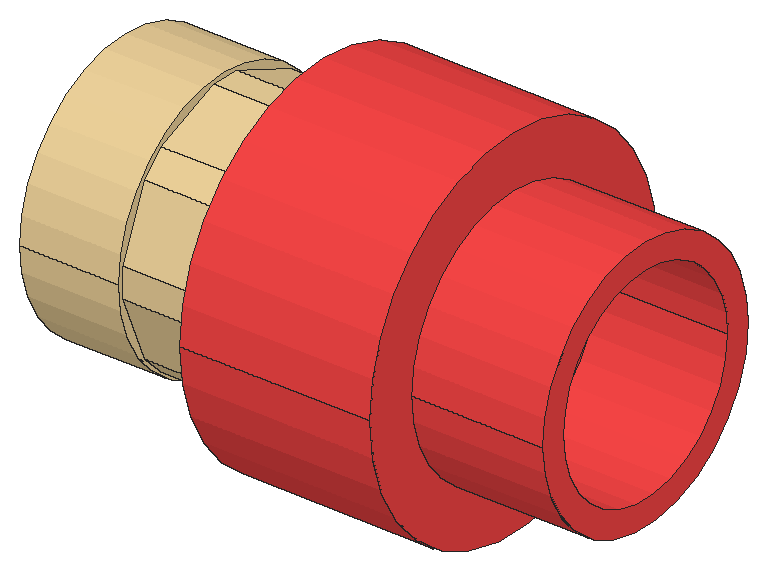
Revit family "Aquatherm_Контрдеталь", category Соединительные детали трубопроводов, Revit 2019
Family settings
  Размер круглого соединителя = Использовать диаметр
  Тип детали = Переход
  На основе рабочей плоскости = Нет
  Всегда вертикально = Да
  При загрузке вырезать с полостями = Нет
  Общий = Нет
Parameters
  Материал_Корпус_2 = AquaTherm латунь pipe
  Материал_Корпус = AquaTherm red pipe
  K Coefficient = 0
  z1 [instance] = (l - z) / 2  # 8 mm
  z [instance] = size_lookup("Контрдеталь", "z", 18 mm, d, R)  # 47 mm
  r [instance] = R - 6 mm  # 26 mm
  n1 [instance] = z  # 47 mm
  n [instance] = 0 mm  # constant formula
  k [instance] = 15 mm  # constant formula
  d2 [instance] = d + 6 mm  # 31 mm
  d1 [instance] = d - 12 mm  # 13 mm
  URL = "www.agpipe.ru"
  d [instance] = 25 mm
  SW' [instance] = SW - 1 mm  # 30 mm
  SW [instance] = size_lookup("Контрдеталь", "SW", 18 mm, d, R)  # 31 mm
  R [instance] = 32 mm
  l [instance] = size_lookup("Контрдеталь", "l", 18 mm, d, R)  # 63 mm
  D1 [instance] = D - 6 mm  # 37.5 mm
  D [instance] = size_lookup("Контрдеталь", "D", 18 mm, d, R)  # 43.5 mm
  ADSK_Примечание = ""
  ADSK_Позиция [instance] = ""
  ADSK_Обозначение = ""
  ADSK_Наименование [instance] = size_lookup("Контрдеталь", "ADSK_Наименование", "Нет в каталоге", d, R)  # "Контрдеталь/B1 DN25x1 1/4''"
  ADSK_Масса_Текст [instance] = size_lookup("Контрдеталь", "ADSK_Масса_Текст", "Нет в каталоге", d, R)  # "0.222"
  ADSK_Код изделия [instance] = size_lookup("Контрдеталь", "ADSK_Код изделия", "Нет в каталоге", d, R)  # "4127312"
  ADSK_Завод-изготовитель = "Aquatherm"  # constant formula
  ADSK_Единица измерения = "шт."  # constant formula
  1 [instance] = 1 = 1  # yes
Reference planes
  plane 1 "По центру (Вперед/Назад)": y = 0
  plane 2: z = 0
  plane 3 "По центру (Влево/Вправо)": x = 0
  plane 4: x = -31.5
  plane 5: x = 31.5
  plane 6: x = 15.5
  plane 7: x = -15.5
  plane 8: x = -7.5
  plane 9: x = -19.5
  plane 10: x = -21.525
  plane 11: x = -31.5
  plane 12: x = 15.5
Forms (mm)
  Extrusion 1, solid, material "AquaTherm red pipe" <- "Материал_Корпус", visible <- "1"
    sketch origin (0, 0, 0) x (0, 1, 0) y (0, 0, 1)
      loop
        circle (0, 0) r 21.75
    from -7.5 to 15.5
  Extrusion 2, solid, material "AquaTherm латунь pipe" <- "Материал_Корпус_2", visible <- "1"
    sketch origin (0, 0, 0) x (0, 1, 0) y (0, 0, 1)
      loop
        line (-6.42, 15.5) -> (-15.5, 6.42) -> (-15.5, -6.42) -> (-6.42, -15.5) -> (6.42, -15.5) -> (15.5, -6.42) -> (15.5, 6.42) -> (6.42, 15.5) -> (-6.42, 15.5)
    from -5 to -19.5
  Extrusion 3, void
    sketch origin (0, 0, 0) x (0, 1, 0) y (0, 0, 1)
      loop
        line (0, 16.236) -> (-11.481, 11.481) -> (-16.236, 0) -> (-11.481, -11.481) -> (0, -16.236) -> (11.481, -11.481) -> (16.236, 0) -> (11.481, 11.481) -> (0, 16.236)
      loop
        circle (0, 0) r 63
    from -19.5 to -7.5
  Extrusion 4, void
    sketch origin (0, 0, 0) x (0, 1, 0) y (0, 0, 1)
      loop
        circle (0, 0) r 6.5
    from -5 to -21.525
  Extrusion 5, void
    sketch origin (0, 0, 0) x (0, 1, 0) y (0, 0, 1)
      loop
        circle (0, 0) r 12.5
    from 15.5 to 31.5
  Extrusion 6, solid, material "AquaTherm латунь pipe" <- "Материал_Корпус_2", visible <- "1"
    sketch origin (0, 0, 0) x (0, 1, 0) y (0, 0, 1)
      loop
        circle (0, 0) r 16
    from -19.5 to -31.5
  Extrusion 7, void
    sketch origin (0, 0, 0) x (0, 1, 0) y (0, 0, 1)
      loop
        circle (0, 0) r 6.5
    from -7.5 to 15.5
  Extrusion 8, solid, material "AquaTherm red pipe" <- "Материал_Корпус", visible <- "1"
    sketch origin (0, 0, 0) x (0, 1, 0) y (0, 0, 1)
      loop
        circle (0, 0) r 15.5
    from 15.5 to 31.5
  Extrusion 9, void
    sketch origin (0, 0, 0) x (0, 1, 0) y (0, 0, 1)
      loop
        circle (0, 0) r 13
    from -21.525 to -31.5
Cuts and joins
  Extrusion 3, Extrusion 4, Extrusion 5, Extrusion 9 cuts Extrusion 2
  Extrusion 5 cuts Extrusion 8
  Extrusion 4, Extrusion 9 cuts Extrusion 6
  Extrusion 4, Extrusion 5, Extrusion 7, Extrusion 9 cuts Extrusion 1
Lines and regions (mm)
  reference lines
    curve 1: line (-31.5, 0, 0) -> (15.5, 0, 0)
Dimensions and locks
  equal spacing: plane 4, plane 3 "По центру (Влево/Вправо)", plane 5
  "l": plane 4 to plane 5
  equal spacing: Extrusion 2 sketch curve, level, Extrusion 2 sketch curve
  "SW": Extrusion 2 sketch curve to Extrusion 2 sketch curve  (x4)
  equal spacing: Extrusion 2 sketch curve, plane 1 "По центру (Вперед/Назад)", Extrusion 2 sketch curve  (x3)
  equal spacing: Extrusion 3 sketch curve, plane 1 "По центру (Вперед/Назад)", Extrusion 3 sketch curve  (x4)
  "SW'": Extrusion 3 sketch curve to Extrusion 3 sketch curve  (x4)
  "z": plane 4 to plane 6
  "z": plane 7 to plane 5
  "z1": plane 7 to plane 8
  equal spacing: plane 4, plane 9, plane 8
  locked: plane 10 to plane 9 at 2.025
  "n": plane 4 to plane 11
  "n1": plane 4 to plane 12
  "D": diameter of Extrusion 1 sketch curve
  "l": radius of Extrusion 3 sketch curve
  "d1": diameter of Extrusion 4 sketch curve
  "d": diameter of Extrusion 5 sketch curve
  "R": diameter of Extrusion 6 sketch curve
  "d1": diameter of Extrusion 7 sketch curve
  "d2": diameter of Extrusion 8 sketch curve
  "r": diameter of Extrusion 9 sketch curve
  locked: Extrusion 2 sketch curve to Extrusion 2 sketch curve (angle 135.00°)  (x4)
  locked: Extrusion 3 sketch curve to Extrusion 3 sketch curve (angle 135.00°)  (x4)
  aligned and locked: level to plane 2
  aligned and locked: Extrusion 4 to Extrusion 2
  aligned and locked: plane 5 to Extrusion 5
  aligned and locked: Extrusion 5 to plane 6
  aligned and locked: plane 6 to Extrusion 7
  aligned and locked: Extrusion 1 to Extrusion 5
  aligned and locked: Extrusion 8 to plane 6
  aligned and locked: plane 5 to Extrusion 8
  aligned and locked: Extrusion 1 to plane 8
  aligned and locked: Extrusion 3 to Extrusion 1
  aligned and locked: Extrusion 3 to plane 9
  aligned and locked: plane 9 to Extrusion 6
  aligned and locked: Extrusion 6 to plane 4
  aligned and locked: Extrusion 1 to Extrusion 7
  aligned and locked: Extrusion 4 to plane 10
  aligned and locked: plane 10 to Extrusion 9
  aligned and locked: Extrusion 9 to plane 4
  aligned and locked: plane 12 to curve 1
  aligned and locked: plane 11 to curve 1
  aligned and locked: cut or joined group of Extrusion 2, Extrusion 3, Extrusion 4, Extrusion 5, Extrusion 9 to plane 9
Automatic sketch dimensions
  plane 1 "По центру (Вперед/Назад)" to curve 1 = 0 mm
  Extrusion 1 sketch curve to level = 0 mm
  Extrusion 1 sketch curve to plane 1 "По центру (Вперед/Назад)" = 0 mm
  Extrusion 3 sketch curve to plane 1 "По центру (Вперед/Назад)" = 0 mm  (x2)
  Extrusion 3 sketch curve to level = 0 mm  (x2)
  Extrusion 4 sketch curve to level = 0 mm
  Extrusion 4 sketch curve to plane 1 "По центру (Вперед/Назад)" = 0 mm
  Extrusion 5 sketch curve to level = 0 mm
  Extrusion 5 sketch curve to plane 1 "По центру (Вперед/Назад)" = 0 mm
  Extrusion 6 sketch curve to level = 0 mm
  Extrusion 6 sketch curve to plane 1 "По центру (Вперед/Назад)" = 0 mm
  Extrusion 7 sketch curve to level = 0 mm
  Extrusion 7 sketch curve to plane 1 "По центру (Вперед/Назад)" = 0 mm
  Extrusion 8 sketch curve to level = 0 mm
  Extrusion 8 sketch curve to plane 1 "По центру (Вперед/Назад)" = 0 mm
  Extrusion 9 sketch curve to level = 0 mm
  Extrusion 9 sketch curve to plane 1 "По центру (Вперед/Назад)" = 0 mm
Connectors
  piping at (-31.5, 0, 0), diameter 25, driven by "d"
    settings: on curve 1, index 1, connector inside diameter 609.6 mm, connector length 0 mm, flow factor 0, pipe flow 0.0 L/s, pressure drop 0.0 Pa, fitting loss kfactor 0, connector angle 0.00°, fixture units 0, engagement length 0 mm, angle of deflection 0.00°, flow configuration 0, flow direction 0, fitting loss method 0, system type 28, joint type 0, gender type 0, connector reference index 2, connector utility 0, adjustable connector no, is connector primary yes, connector description ""
  piping at (15.5, 0, 0), diameter 32, driven by "R"
    settings: on curve 1, index 2, connector inside diameter 609.6 mm, connector length 0 mm, flow factor 0, pipe flow 0.0 L/s, pressure drop 0.0 Pa, fitting loss kfactor 0, connector angle 0.00°, fixture units 0, engagement length 0 mm, angle of deflection 0.00°, flow configuration 0, flow direction 0, fitting loss method 0, system type 28, joint type 0, gender type 0, connector reference index 1, connector utility 0, adjustable connector no, is connector primary no, connector description ""
